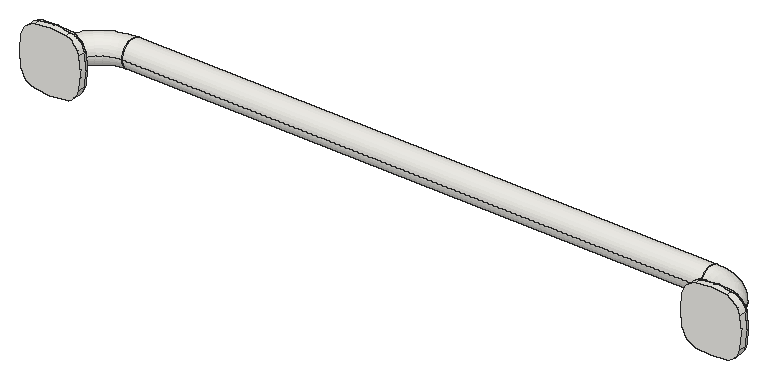
Revit family "Greb 800 mm hvid", category Plumbing Fixtures, host Wall, Revit 2024
Family settings
  Host = Wall
  Round Connector Dimension = Use Diameter
  Part Type = Normal
  OmniClass Number = 23.45.00.00
  OmniClass Title = Sanitary, Laundry, and Cleaning Equipment
  Enable Cutting in Views = No
  Always vertical = Yes
  Cut with Voids When Loaded = No
  Maintain Annotation Orientation = No
  Shared = No
  Room Calculation Point = No
Parameters (values of type "Type 1")
  Default Elevation = 0 mm
Reference planes
  plane 1: y = 0
  plane 2 "Center (Left/Right)": x = 125
  plane 3 "Back": y = 75
Lines and regions (mm)
  reference lines
    curve 1: line (925, 75, 0) -> (925, 255, 0)
    curve 2: line (961.773, 75, 850) -> (-73.227, 75, 850)
    curve 3: line (125, 132.023, 866.002) -> (125, 148.089, 866.002)
Text (mm)
  text "Placement side" at (-1787.139, 592.35, 0), in view "Ref. Level"
  text "Placement side" at (0, 230.823, 2917.686), in view "Left"
  text "Placement side" at (0, 562.268, 3853.606), in view "Right"
Dimensions and locks
  locked: plane 3 "Back" to host wall
  locked: level to nested 1 at 850
  aligned and locked: host wall to plane 1
  aligned and locked: nested 1 to plane 3 "Back"
  aligned and locked: nested 1 to plane 2 "Center (Left/Right)"
Nested families
  nested 1: "Modular handrails" at (925, 75, 850) x (-1, 0, 0) z (0, 0, 1), type "16266W"
Definition of nested family "Modular handrails"
  Parameters (values of type "16277W")
    _Pipe_Length_ = _Length_ - 100 mm  # 900 mm
    _Length_ = 1000 mm
    _BIM_Content_Update_Date_ = "08.03.2021"  # constant formula
    _BIM_Content_Publish_Date_ = ""
    _BIM_Author_Contact_Details_ = "Mika Leinonen, B.Eng\r\nRevit BIM and 3D-visualization specialist\r\n\r\nCEO, Treedee Oy\r\n\r\nmika.leinonen@treedee.fi\r\n\r\n+358 (0) 40 188 5182\r\n\r\nwww.treedee.fi"
    _BIM_Author_ = "Mika Leinonen - Treedee Oy"  # constant formula
    URL = "https://korpinen.com/"
    Model = ""
    Manufacturer = "Väinö Korpinen Oy"  # constant formula
    _Color_ = none
    Default Elevation = 0 mm
  Types (18, lengths in mm): name | _Pipe_Length_ | _Length_
    16200W | 250 | 350
    16200G | 250 | 350
    16200R | 250 | 350
    16211W | 350 | 450
    16211G | 350 | 450
    16211R | 350 | 450
    16222W | 450 | 550
    16222G | 450 | 550
    16222R | 450 | 550
    16255W | 600 | 700
    16255G | 600 | 700
    16255R | 600 | 700
    16266W | 700 | 800
    16266G | 700 | 800
    16266R | 700 | 800
    16277W | 900 | 1000
    16277G | 900 | 1000
    16277R | 900 | 1000
  Reference planes
    plane 1 "Center (Front/Back)": y = 0
    plane 2: z = 0
    plane 3 "Center (Left/Right)": x = 0
    plane 4: z = 0
    plane 5: x = 1000
    plane 6: x = 963.196
    plane 7: x = 1036.804
  Lines and regions (mm)
    symbolic lines
      curve 1: line (963.196, 0, 0) -> (963.196, -8.005, 0)
      curve 2: line (967.148, -11.997, 0) -> (1032.788, -11.997, 0)
      curve 3: arc (963.196, -8.005, 0) -> (964.363, -10.822, 0) -> (967.18, -11.989, 0) r 3.984
      curve 4: line (1036.804, 0, 0) -> (1036.804, -8.005, 0)
      curve 5: arc (1036.804, -8.005, 0) -> (1035.637, -10.822, 0) -> (1032.82, -11.989, 0) r 3.984
      curve 6: line (1036.804, 0, 0) -> (963.196, 0, 0)
      curve 7: line (-36.773, 0, 0) -> (-36.773, -8.008, 0)
      curve 8: line (-32.787, -11.994, 0) -> (31.124, -11.994, 0)
      curve 9: arc (-36.773, -8.008, 0) -> (-35.605, -10.826, 0) -> (-32.787, -11.994, 0) r 3.986
      curve 10: line (36.836, 0, 0) -> (36.836, -8.005, 0)
      curve 11: line (32.852, -11.989, 0) -> (16, -11.989, 0)
      curve 12: arc (36.836, -8.005, 0) -> (35.669, -10.822, 0) -> (32.852, -11.989, 0) r 3.983
      curve 13: line (36.836, 0, 0) -> (-36.773, 0, 0)
      curve 14: arc (984.002, -11.997, 0) -> (974.043, -36.04, 0) -> (950, -45.999, 0) r 34.002
      curve 15: arc (1016, -11.997, 0) -> (996.669, -58.666, 0) -> (950, -77.997, 0) r 66
      curve 16: line (950, -77.997, 0) -> (950, -45.999, 0)
      curve 17: arc (16, -11.989, 0) -> (25.955, -36.037, 0) -> (50, -45.999, 0) r 34
      curve 18: arc (-16.003, -11.994, 0) -> (3.329, -58.665, 0) -> (50, -77.997, 0) r 66.003
      curve 19: line (50, -77.997, 0) -> (50, -45.999, 0)
      curve 20: line (50, -45.999, 0) -> (950, -45.999, 0)
      curve 21: line (950, -77.997, 0) -> (50, -77.997, 0)
  Dimensions and locks
    "_Length_": plane 5 to plane 3 "Center (Left/Right)"
    "_Length_": plane 3 "Center (Left/Right)" to plane 5
    equal spacing: plane 6, plane 5, plane 7
    locked: plane 6 to plane 7 at 73.607
    aligned and locked: level to plane 2
    aligned and locked: nested 2 to nested 1
    aligned and locked: plane 3 "Center (Left/Right)" to nested 3
    aligned and locked: nested 1 to nested 3
    aligned and locked: curve 1 to plane 6
    aligned and locked: curve 4 to plane 7
  Automatic sketch dimensions
    curve 17 to curve 18 = 0.006 mm
    plane 1 "Center (Front/Back)" to curve 7 = 0 mm
    curve 7 to plane 3 "Center (Left/Right)" = 36.773 mm
    curve 7 to curve 8 = 3.986 mm
    plane 3 "Center (Left/Right)" to curve 11 = 16 mm
    curve 11 to curve 11 = 16.852 mm
    curve 12 to curve 10 = 3.983 mm
    curve 11 to curve 19 = 17.148 mm
    curve 16 to plane 5 = 50 mm
    plane 1 "Center (Front/Back)" to curve 7 = 8.008 mm
    curve 8 to curve 12 = 3.988 mm
    curve 16 to curve 16 = 31.998 mm
    curve 8 to curve 11 = 1.728 mm
    curve 2 to curve 14 = 16.854 mm
    curve 15 to curve 2 = 16.788 mm
    plane 1 "Center (Front/Back)" to curve 2 = 11.997 mm
  Nested families
    nested 1: "Modular tube" at (50, -62, 0), Length <- "_Pipe_Length_", type "500mm"
      with Vertical no, Length 900 mm, Horizontal yes
    nested 2: "Modular 90" at (1000, 0, 0) x (-1, 0, 0) z (0, 0, 1), type "End 90 horizontal"
    nested 3: "Modular 90" at (0, 0, 0), type "End 90 horizontal"
  Definition of nested family "Modular tube"
    Parameters (values of type "500mm")
      Vertical [instance] = not(Horizontal)  # no
      URL = ""
      Model = ""
      Manufacturer = ""
      Length [instance] = 522 mm
      Horizontal [instance] = yes
      Default Elevation = 0 mm
      Colour = none
      Assembly Code = ""
    Reference planes
      plane 1 "Center (Front/Back)": y = 0
      plane 2: z = 0
      plane 3 "Center (Left/Right)": x = 0
      plane 4: z = 0
      plane 5: x = 522
      plane 6: z = 522
    Forms (mm)
      Sweep 1, solid, material <- "Colour", visible <- "Horizontal"
        path origin (0, 0, 0) x (1, 0, 0) y (0, 1, 0)
          loop
            line (0, 0) -> (522, 0)
        profile origin (261, 0, 0) x (0, 1, 0) y (0, 0, 1)
          loop
            circle (0, 0) r 16
      Sweep 2, solid, visible <- "Vertical"
        path origin (0, 0, 0) x (1, 0, 0) y (0, 0, 1)
          loop
            line (0, 0) -> (0, 522)
        profile origin (0, 0, 261) x (-1, 0, 0) y (0, -1, 0)
          loop
            circle (0, 0) r 16
    Dimensions and locks
      "Length": plane 3 "Center (Left/Right)" to plane 5
      "Length": plane 6 to level
      aligned and locked: level to plane 2
      aligned and locked: plane 3 "Center (Left/Right)" to Sweep 1 sketch curve
      aligned and locked: plane 1 "Center (Front/Back)" to Sweep 1 sketch curve
      aligned and locked: plane 6 to Sweep 2 sketch curve
      aligned and locked: level to Sweep 2 sketch curve
      aligned and locked: plane 3 "Center (Left/Right)" to Sweep 2 sketch curve
    Automatic sketch dimensions
      Sweep 1 sketch curve to plane 5 = 0 mm
      Sweep 1 sketch curve to level = 0 mm
      Sweep 1 sketch curve to profile plane = 0 mm
      plane 1 "Center (Front/Back)" to Sweep 2 sketch curve = 0 mm
      Sweep 2 sketch curve to profile plane = 0 mm
      radius of Sweep 1 sketch curve = 16 mm
      radius of Sweep 2 sketch curve = 16 mm
  Definition of nested family "Modular 90"
    Parameters (values of type "End 90 horizontal")
      Vertical = no
      URL = ""
      Model = ""
      Manufacturer = ""
      Horizontal = yes
      Default Elevation = 0 mm
      Colour = none
      Assembly Code = ""
    Types (3, lengths in mm): name | Vertical | Horizontal | Default Elevation
      End 90 horizontal | no | yes | 0
      End 90 vertical | yes | no | 0
      End 90 | yes | no | 1219.2
    Reference planes
      plane 1 "Center (Front/Back)": y = 0
      plane 2: z = 0
      plane 3 "Center (Left/Right)": x = 0
      plane 4: z = 0
      plane 5: x = 0
      plane 6: x = -18.5
      plane 7: x = 18.5
      plane 8: z = 18.5
      plane 9: z = -18.5
      plane 10: x = -35
      plane 11: x = 35
      plane 12: z = 35
      plane 13: z = -35
      plane 14: x = 50.02
      plane 15: y = -62
      plane 16: y = -12
    Forms (mm)
      Extrusion 1, solid, material <- "Colour"
        sketch origin (601.041, 0, -601.041) x (0.707107, 0, 0.707107) y (-0.707107, 0, 0.707107)
          loop
            line (-35.355, 850) -> (0, 814.645) -> (35.355, 850) -> (0, 885.355) -> (-35.355, 850)
        from 0 to 12
      Sweep 2, solid, material <- "Colour"
        path in 3D
          loop
            arc (18.5, -12, 35) -> (29.056, -12, 29.056) -> (35, -12, 18.5) r 22.5
            arc (35, -12, 18.5) -> (36.771, -12, 0) -> (35, -12, -18.5) r 97.5
            arc (35, -12, -18.5) -> (29.056, -12, -29.056) -> (18.5, -12, -35) r 22.5
            arc (18.5, -12, -35) -> (0, -12, -36.771) -> (-18.5, -12, -35) r 97.5
            arc (-18.5, -12, -35) -> (-29.056, -12, -29.056) -> (-35, -12, -18.5) r 22.5
            arc (-35, -12, -18.5) -> (-36.771, -12, 0) -> (-35, -12, 18.5) r 97.5
            arc (-35, -12, 18.5) -> (-29.056, -12, 29.056) -> (-18.5, -12, 35) r 22.5
            arc (-18.5, -12, 35) -> (0, -12, 36.771) -> (18.5, -12, 35) r 97.5
        profile origin (0, -12, 36.771) x (0, 0, 1) y (0, -1, 0)
          loop
            line (0, -12) -> (0, -4)
            arc (0, -4) -> (-1.172, -1.172) -> (-4, 0) r 4
            line (-4, 0) -> (-14, 0) -> (-14, -12) -> (0, -12)
      Sweep 3, solid, material <- "Colour", visible <- "Horizontal"
        path origin (0, 0, 0) x (1, 0, 0) y (0, 1, 0)
          loop
            arc (0, -12) -> (14.645, -47.355) -> (50, -62) r 50
        profile origin (14.645, -47.355, 0) x (0.707107, 0.707107, 0) y (0, 0, 1)
          loop
            circle (0, 0) r 16
      Sweep 4, solid, material <- "Colour", visible <- "Vertical"
        path origin (0, 0, 0) x (0, 0, -1) y (0, 1, 0)
          loop
            arc (0, -12) -> (14.645, -47.355) -> (50, -62) r 50
        profile origin (0, -47.355, -14.645) x (0, 0.707107, -0.707107) y (1, 0, 0)
          loop
            circle (0, 0) r 16
    Cuts and joins
      joined: Extrusion 1, Sweep 2
    Lines and regions (mm)
      sketch lines
        curve 1: arc (-18.5, -12, 35) -> (0, -12, 36.771) -> (18.5, -12, 35) r 97.5
        curve 2: arc (18.5, -12, 35) -> (29.056, -12, 29.056) -> (35, -12, 18.5) r 22.5
        curve 3: arc (35, -12, 18.5) -> (36.771, -12, 0) -> (35, -12, -18.5) r 97.5
        curve 4: arc (35, -12, -18.5) -> (29.056, -12, -29.056) -> (18.5, -12, -35) r 22.5
        curve 5: arc (18.5, -12, -35) -> (0, -12, -36.771) -> (-18.5, -12, -35) r 97.5
        curve 6: arc (-18.5, -12, -35) -> (-29.056, -12, -29.056) -> (-35, -12, -18.5) r 22.5
        curve 7: arc (-35, -12, -18.5) -> (-36.771, -12, 0) -> (-35, -12, 18.5) r 97.5
        curve 8: arc (-35, -12, 18.5) -> (-29.056, -12, 29.056) -> (-18.5, -12, 35) r 22.5
    Dimensions and locks
      locked: plane 5 to plane 14 at 50.02
      plane 15 to plane 1 "Center (Front/Back)" = 62 mm
      angle plane 3 "Center (Left/Right)" to plane 5 = 0.00°
      angle level to plane 4 = 0.00°
      aligned and locked: level to plane 2
